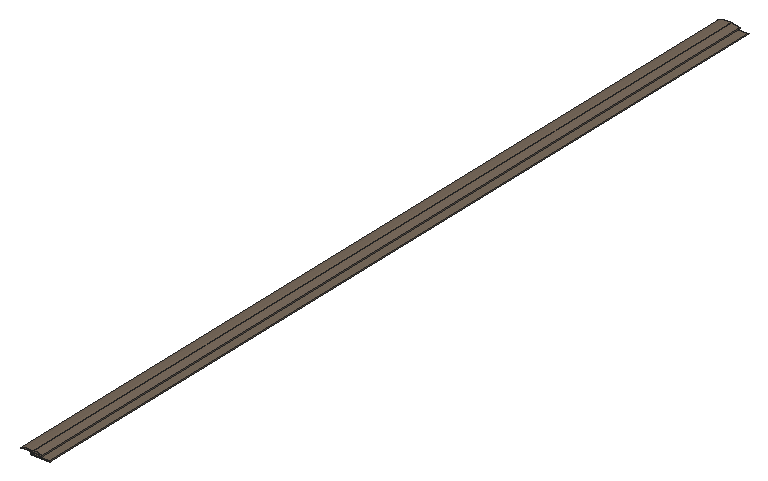
Revit family "111210016132286", category Modelos genéricos, Revit 2018
Family settings
  Puede alojar armadura = No
  Cota de conector redondo = Diámetro de uso
  Tipo de pieza = Normal
  Se basa en plano de trabajo = No
  Siempre vertical = No
  Corte con vacíos al cargar = No
  Compartido = No
  Punto de cálculo de habitación = No
Parameters (values of type "CUBREJUNTA J ALFOMBRA PVC CAFE ROLLO 50MT")
  Ventajas = "Autoextinguible"
  Uso = "Se utiliza para unir 2 ambientes distintos que poseen piso alfombrado. También se\r\npuede utilizas con otro tipo de piso con el objetivo de cubrir el espacio que queda en la\r\nseparación."
  Unidad = "Perfil Superior (Rollos de 50 Mts)"
  URL = "https://www.empresascnp.cl/"
  Num SKUs = "111210016132286"
  Nombre SKU = "CUBREJUNTA J ALFOMBRA PVC CAFE ROLLO 50MT"
  Modelo = "CUBREJUNTA J ALFOMBRA PVC"
  Material = PVC flexible cafe
  Url Ficha tecnica = "https://empresascnp.cl/wp-content/uploads//pdf/ficha-tecnica-cubrejunta-j-alfombra-pvc-cafe-rollo-50mt.pdf"
  Largo = 1200.00 mm
  Espesor = 3.00 mm
  Empresa = "CNP SPA."
  Dureza = "Shore A 80"
  Dimension = 30.00 mm
  Descripción = "Cubrejunta J alfombra 30 MM."
  Contacto = "info@empresascnp.cl"
  Color = "Cafe"
  Aplicacion = "ENTRE JUNTAS DE ALFOMBRAS"
  Alto = 5.00 mm
Reference planes
  plane 1 "Center F/B": y = 0
  plane 2: z = 0
  plane 3 "Center L/R": x = 1
  plane 4: z = -5
  plane 5 "2": y = 600
  plane 6 "3": y = -600
  plane 7: x = 31
  plane 8 "4": x = 16
Forms (mm)
  Extrusion 1, solid, material "PVC flexible cafe" <- "Material"
    sketch origin (0, 0, 0) x (1, 0, 0) y (0, 0, 1)
      loop
        arc (30.651, 0.766) -> (15.932, 3.543) -> (1.227, 0.695) r 39.889
        arc (1.227, 0.695) -> (1.01, 0.276) -> (1.392, 0) r 0.361
        arc (1.392, 0) -> (7.665, 1.319) -> (14.07, 1.54) r 37.106
        arc (14.07, 1.54) -> (15.08, 1.075) -> (15.492, 0.042) r 1.5
        line (15.492, 0.042) -> (15.492, -0.81)
        arc (15.492, -0.81) -> (15.931, -1.871) -> (16.992, -2.31) r 1.5
        line (16.992, -2.31) -> (41.742, -2.31)
        arc (41.742, -2.31) -> (42.038, -2.014) -> (41.742, -1.717) r 0.296
        line (41.742, -1.717) -> (18.125, -1.717)
        arc (18.125, -1.717) -> (17.009, -0.907) -> (16.583, 0.405) r 2.232
        arc (16.583, 0.405) -> (16.939, 1.328) -> (17.823, 1.772) r 1.373
        arc (17.823, 1.772) -> (24.189, 1.332) -> (30.43, 0) r 45.2
        arc (30.43, 0) -> (30.889, 0.282) -> (30.651, 0.766) r 0.4
    from -600 to 600
Dimensions and locks
  "Alto": level to plane 4
  equal spacing: plane 6 "3", plane 1 "Center F/B", plane 5 "2"
  "Largo": plane 6 "3" to plane 5 "2"
  "Dimension": plane 7 to plane 3 "Center L/R"
  equal spacing: plane 7, plane 8 "4", plane 3 "Center L/R"
  aligned and locked: plane 6 "3" to Extrusion 1
  aligned and locked: Extrusion 1 to plane 5 "2"
Automatic sketch dimensions
  plane 3 "Center L/R" to Extrusion 1 sketch curve = 0.361 mm
  Extrusion 1 sketch curve to plane 8 "4" = 3.861 mm
  Extrusion 1 sketch curve to plane 8 "4" = 2.008 mm
  Extrusion 1 sketch curve to plane 8 "4" = 0.508 mm
  plane 8 "4" to Extrusion 1 sketch curve = 0.028 mm
  Extrusion 1 sketch curve to level = 2.31 mm
  plane 8 "4" to Extrusion 1 sketch curve = 0.992 mm
  plane 8 "4" to Extrusion 1 sketch curve = 1.898 mm
  Extrusion 1 sketch curve to Extrusion 1 sketch curve = 0.964 mm
  Extrusion 1 sketch curve to Extrusion 1 sketch curve = 1.133 mm
  Extrusion 1 sketch curve to Extrusion 1 sketch curve = 0.859 mm
  Extrusion 1 sketch curve to plane 7 = 0.496 mm
  Extrusion 1 sketch curve to level = 1.717 mm
  plane 7 to Extrusion 1 sketch curve = 10.742 mm
  plane 4 to Extrusion 1 sketch curve = 30.516 mm
  Extrusion 1 sketch curve to Extrusion 1 sketch curve = 0.83 mm
  Extrusion 1 sketch curve to Extrusion 1 sketch curve = 7.082 mm
  Extrusion 1 sketch curve to Extrusion 1 sketch curve = 0.852 mm
  level to Extrusion 1 sketch curve = 0.36 mm
  level to Extrusion 1 sketch curve = 0.393 mm
  Extrusion 1 sketch curve to Extrusion 1 sketch curve = 1.215 mm
  plane 3 "Center L/R" to Extrusion 1 sketch curve = 0.227 mm
  Extrusion 1 sketch curve to Extrusion 1 sketch curve = 0.00 mm  (x2)
  Extrusion 1 sketch curve to Extrusion 1 sketch curve = 0.031 mm
  Extrusion 1 sketch curve to Extrusion 1 sketch curve = 0.133 mm
  Extrusion 1 sketch curve to Extrusion 1 sketch curve = 0.074 mm
